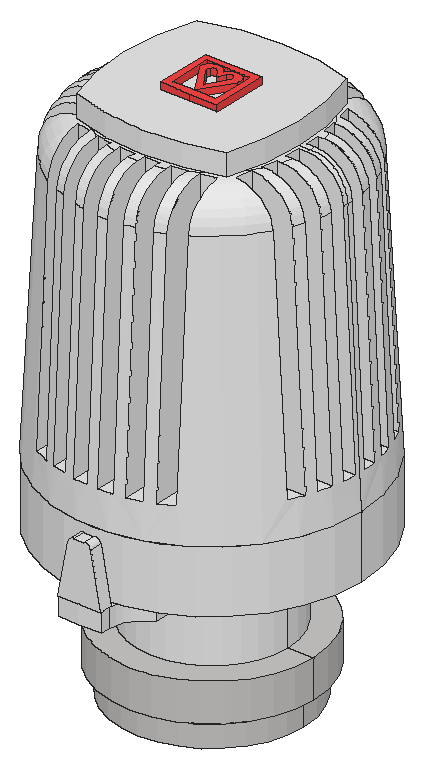
Revit family "Термостатическая головка HERZ, с присоединительной резьбой М 28х1.5, 7260", category Rohrzubehör, Revit 2021
Family settings
  Bemaßung runder Anschluss = Durchmesser verwenden
  Teiletyp = Normal
  OmniClass-Nummer = 23.65.55.14
  OmniClass-Titel = Valves for Liquid Services
  Arbeitsebenenbasiert = Nein
  Immer vertikal = Nein
  Beim Laden mit Abzugskörper schneiden = Nein
  Gemeinsam genutzt = Nein
Parameters
  Принцип действия = "HERZ-термостатическая головка является датчиком прямого регулирования.\r\nИзменение объема жидкости в HERZ-гидросенсоре приводит в движение шток клапана."
  Область применения = "Для монтажа на всех HERZ-клапанах, предназначенных для термостатической работы."
  Номер заказа = 1726006  # constant formula
  Маховик = "Пластик, белый"  # constant formula
  Исполнение = "Термостатическая головка с жидкостным датчиком (гидросенсором) с позициями теплового запираниия \"0\" и морозозащиты, с ограничением и блокировкой диапазона регулирования. Цвет маховика - белый."
  Диапазон регулирования = "6 - 28°C"  # constant formula
  Автоматическая защита от замерзания = "при прибл. 6 °C"  # constant formula
  W02 = 120.00°  # constant formula
  W01 = 135.00°  # constant formula
  Vorgabe-Ansicht = 0.000 mm
  URL = "www.herz-armaturen.ru"
  S02 = 60.000 mm  # constant formula
  S01 = H02 + H07  # 79.500 mm
  R08 = 15.000 mm  # constant formula
  R07 = 6.000 mm  # constant formula
  R06 = 24.000 mm  # constant formula
  R05 = 16.350 mm  # constant formula
  R04 = 14.750 mm  # constant formula
  R03 = 13.200 mm  # constant formula
  R02 = 12.200 mm  # constant formula
  R01 = 22.400 mm  # constant formula
  Hersteller = "HERZ Armaturen Ges.m.b.H."  # constant formula
  H09 = 3.500 mm  # constant formula
  H08 = 10.000 mm  # constant formula
  H07 = 59.000 mm  # constant formula
  H06 = 3.500 mm  # constant formula
  H05 = 10.500 mm  # constant formula
  H04 = 11.700 mm  # constant formula
  H03 = 4.500 mm  # constant formula
  H02 = 20.500 mm  # constant formula
  H01 = 45.800 mm  # constant formula
Reference planes
  plane 1 "Mitte (Vorne/hinten)": y = 0
  plane 2: z = 0
  plane 3 "Mitte (Links/rechts)": x = 0
Forms (mm)
  Revolve 1, solid, material "Messing verzinkt", detail levels fine
    sketch origin (0, 0, 0) x (1, 0, 0) y (0, 0, 1)
      loop
        line (0, 4.5) -> (13.2, 4.5) -> (13.2, -3.563) -> (14.75, -3.563) -> (14.75, -0.063) -> (16.35, 0.861) -> (16.35, 6.937) -> (0, 6.937) -> (0, 4.5)
      axis (0, 6.937) -> (0, -3.563)
    angle from 0 to 360
  Revolve 2, solid, material "Kunststoff weiß", detail levels fine
    sketch origin (0, 0, 0) x (1, 0, 0) y (0, 0, 1)
      loop
        line (0, 20.5) -> (24, 20.5) -> (24, 30.5) -> (21.791, 73.806)
        arc (21.791, 73.806) -> (19.931, 77.849) -> (15.798, 79.5) r 6
        line (15.798, 79.5) -> (0, 79.5) -> (0, 20.5)
      axis (0, 79.5) -> (0, 20.5)
    angle from 0 to 360
  Extrusion 3, void
    sketch origin (0, 0, 0) x (1, 0, 0) y (0, 1, 0)
      loop
        line (24.458, 0.8) -> (24.458, 3.2) -> (14.361, 3.2)
        arc (14.361, 3.2) -> (14.446, 2.001) -> (14.491, 0.8) r 37
        line (14.491, 0.8) -> (24.458, 0.8)
      loop
        line (24.458, 4.8) -> (24.458, 7.2) -> (13.793, 7.2)
        arc (13.793, 7.2) -> (14.01, 6.003) -> (14.187, 4.8) r 37
        line (14.187, 4.8) -> (24.458, 4.8)
      loop
        line (24.458, 8.8) -> (24.458, 11.2) -> (12.764, 11.2)
        arc (12.764, 11.2) -> (13.121, 10.006) -> (13.438, 8.8) r 37
        line (13.438, 8.8) -> (24.458, 8.8)
      loop
        line (24.458, -0.8) -> (14.491, -0.8)
        arc (14.491, -0.8) -> (14.446, -2.001) -> (14.361, -3.2) r 37
        line (14.361, -3.2) -> (24.458, -3.2) -> (24.458, -0.8)
      loop
        line (24.458, -4.8) -> (14.187, -4.8)
        arc (14.187, -4.8) -> (14.01, -6.003) -> (13.793, -7.2) r 37
        line (13.793, -7.2) -> (24.458, -7.2) -> (24.458, -4.8)
      loop
        line (24.458, -8.8) -> (13.438, -8.8)
        arc (13.438, -8.8) -> (13.121, -10.006) -> (12.764, -11.2) r 37
        line (12.764, -11.2) -> (24.458, -11.2) -> (24.458, -8.8)
      loop
        line (-24.458, 0.8) -> (-14.491, 0.8)
        arc (-14.491, 0.8) -> (-14.446, 2.001) -> (-14.361, 3.2) r 37
        line (-14.361, 3.2) -> (-24.458, 3.2) -> (-24.458, 0.8)
      loop
        line (-24.458, 4.8) -> (-14.187, 4.8)
        arc (-14.187, 4.8) -> (-14.01, 6.003) -> (-13.793, 7.2) r 37
        line (-13.793, 7.2) -> (-24.458, 7.2) -> (-24.458, 4.8)
      loop
        line (-24.458, 8.8) -> (-13.438, 8.8)
        arc (-13.438, 8.8) -> (-13.121, 10.006) -> (-12.764, 11.2) r 37
        line (-12.764, 11.2) -> (-24.458, 11.2) -> (-24.458, 8.8)
      loop
        line (-24.458, -0.8) -> (-24.458, -3.2) -> (-14.361, -3.2)
        arc (-14.361, -3.2) -> (-14.446, -2.001) -> (-14.491, -0.8) r 37
        line (-14.491, -0.8) -> (-24.458, -0.8)
      loop
        line (-24.458, -4.8) -> (-24.458, -7.2) -> (-13.793, -7.2)
        arc (-13.793, -7.2) -> (-14.01, -6.003) -> (-14.187, -4.8) r 37
        line (-14.187, -4.8) -> (-24.458, -4.8)
      loop
        line (-24.458, -8.8) -> (-24.458, -11.2) -> (-12.764, -11.2)
        arc (-12.764, -11.2) -> (-13.121, -10.006) -> (-13.438, -8.8) r 37
        line (-13.438, -8.8) -> (-24.458, -8.8)
      loop
        line (0.8, 24.458) -> (0.8, 14.491)
        arc (0.8, 14.491) -> (2.001, 14.446) -> (3.2, 14.361) r 37
        line (3.2, 14.361) -> (3.2, 24.458) -> (0.8, 24.458)
      loop
        line (4.8, 24.458) -> (4.8, 14.187)
        arc (4.8, 14.187) -> (6.003, 14.01) -> (7.2, 13.793) r 37
        line (7.2, 13.793) -> (7.2, 24.458) -> (4.8, 24.458)
      loop
        line (8.8, 24.458) -> (8.8, 13.438)
        arc (8.8, 13.438) -> (10.006, 13.121) -> (11.2, 12.764) r 37
        line (11.2, 12.764) -> (11.2, 24.458) -> (8.8, 24.458)
      loop
        line (-0.8, 24.458) -> (-3.2, 24.458) -> (-3.2, 14.361)
        arc (-3.2, 14.361) -> (-2.001, 14.446) -> (-0.8, 14.491) r 37
        line (-0.8, 14.491) -> (-0.8, 24.458)
      loop
        line (-4.8, 24.458) -> (-7.2, 24.458) -> (-7.2, 13.793)
        arc (-7.2, 13.793) -> (-6.003, 14.01) -> (-4.8, 14.187) r 37
        line (-4.8, 14.187) -> (-4.8, 24.458)
      loop
        line (-8.8, 24.458) -> (-11.2, 24.458) -> (-11.2, 12.764)
        arc (-11.2, 12.764) -> (-10.006, 13.121) -> (-8.8, 13.438) r 37
        line (-8.8, 13.438) -> (-8.8, 24.458)
      loop
        line (0.8, -24.458) -> (3.2, -24.458) -> (3.2, -14.361)
        arc (3.2, -14.361) -> (2.001, -14.446) -> (0.8, -14.491) r 37
        line (0.8, -14.491) -> (0.8, -24.458)
      loop
        line (4.8, -24.458) -> (7.2, -24.458) -> (7.2, -13.793)
        arc (7.2, -13.793) -> (6.003, -14.01) -> (4.8, -14.187) r 37
        line (4.8, -14.187) -> (4.8, -24.458)
      loop
        line (8.8, -24.458) -> (11.2, -24.458) -> (11.2, -12.764)
        arc (11.2, -12.764) -> (10.006, -13.121) -> (8.8, -13.438) r 37
        line (8.8, -13.438) -> (8.8, -24.458)
      loop
        line (-0.8, -24.458) -> (-0.8, -14.491)
        arc (-0.8, -14.491) -> (-2.001, -14.446) -> (-3.2, -14.361) r 37
        line (-3.2, -14.361) -> (-3.2, -24.458) -> (-0.8, -24.458)
      loop
        line (-4.8, -24.458) -> (-4.8, -14.187)
        arc (-4.8, -14.187) -> (-6.003, -14.01) -> (-7.2, -13.793) r 37
        line (-7.2, -13.793) -> (-7.2, -24.458) -> (-4.8, -24.458)
      loop
        line (-8.8, -24.458) -> (-8.8, -13.438)
        arc (-8.8, -13.438) -> (-10.006, -13.121) -> (-11.2, -12.764) r 37
        line (-11.2, -12.764) -> (-11.2, -24.458) -> (-8.8, -24.458)
    from 36 to 81.5
  Extrusion 4, solid, material "Kunststoff weiß", detail levels fine
    sketch origin (0, 0, 0) x (1, 0, 0) y (0, 1, 0)
      loop
        arc (12, 12) -> (0, 14) -> (-12, 12) r 37
        arc (-12, 12) -> (-14, 0) -> (-12, -12) r 37
        arc (-12, -12) -> (0, -14) -> (12, -12) r 37
        arc (12, -12) -> (14, 0) -> (12, 12) r 37
    from 79.5 to 83
  Extrusion 5, solid, material "Kunststoff weiß", detail levels fine
    sketch origin (0.017, -0.017, 0) x (0, -1, 0) y (1, 0, 0)
      loop
        line (14.714, 6.983) -> (14.714, -7.017) -> (19.645, -7.017)
        arc (19.645, -7.017) -> (21.761, -4.508) -> (24.882, -3.488) r 6
        line (24.882, -3.488) -> (26.272, -3.488)
        arc (26.272, -3.488) -> (26.5, 0) -> (26.267, 3.488) r 26.5
        line (26.267, 3.488) -> (24.882, 3.488)
        arc (24.882, 3.488) -> (21.777, 4.497) -> (19.66, 6.983) r 6
        line (19.66, 6.983) -> (14.714, 6.983)
    from 17.5 to 20.5
  Extrusion 6, solid, material "Kunststoff weiß", detail levels fine
    sketch origin (0.017, -0.017, 3.5) x (1, 0, 0) y (0, 0, 1)
      loop
        arc (-0.8, 26.1) -> (-1.432, 25.875) -> (-1.779, 25.302) r 1
        line (-1.779, 25.302) -> (-3.488, 17) -> (3.488, 17) -> (1.779, 25.302)
        arc (1.779, 25.302) -> (1.432, 25.875) -> (0.8, 26.1) r 1
        line (0.8, 26.1) -> (-0.8, 26.1)
    from 26.5 to 24.5
  Revolve 7, solid, material "Kunststoff weiß", detail levels fine
    sketch origin (90.543, 0, 0) x (1, 0, 0) y (0, 0, 1)
      loop
        line (-90.543, 0) -> (-77.343, 0) -> (-77.343, 4.5) -> (-78.343, 4.5) -> (-78.343, 20.5) -> (-68.143, 20.5) -> (-68.143, 34.1) -> (-75.543, 34.1) -> (-75.543, 45.8) -> (-90.543, 45.8) -> (-90.543, 0)
      axis (-90.543, 45.8) -> (-90.543, 0)
    angle from 0 to 360
Cuts and joins
  Extrusion 3 cuts Revolve 2
Lines and regions (mm)
  model lines, detail levels coarse+medium
    curve 1: line (0, 0, 0) -> (0, 0, 19.5)
    curve 2: line (0, -0.017, 0) -> (0, 19.5, 0)
    curve 3: circle (0, 0, 49.5) r 30 normal (0, -1, 0)
    curve 4: circle (0, 0, 49.5) r 30 normal (1, 0, 0)
    curve 5: line (0, 0, 29.5) -> (0, 0, 69.5)
    curve 6: line (0, -17.5, 69.5) -> (0, 17.5, 69.5)
    curve 7: line (0, 0, 29.5) -> (0, 0, 69.5)
    curve 8: line (-17.5, 0, 69.5) -> (17.5, 0, 69.5)
    curve 9: circle (0, 49.5, 0) r 30 normal (0, 0, 1)
    curve 10: line (0, 29.5, 0) -> (0, 69.5, 0)
    curve 11: line (-17.5, 69.5, 0) -> (17.5, 69.5, 0)
Dimensions and locks
  "H05": Revolve 1 sketch curve to Revolve 1 sketch curve
  "H06": Revolve 1 sketch curve to Revolve 1 sketch curve
  "H03": Revolve 1 sketch curve to plane 2
  "R04": Revolve 1 sketch curve to plane 3 "Mitte (Links/rechts)"
  "R03": plane 3 "Mitte (Links/rechts)" to Revolve 1 sketch curve
  "R05": Revolve 1 sketch curve to plane 3 "Mitte (Links/rechts)"
  "H08": Revolve 2 sketch curve to Revolve 2 sketch curve
  "R06": Revolve 2 sketch curve to Revolve 2 sketch curve
  "H02": Revolve 2 sketch curve to plane 2
  "H02": Revolve 7 sketch curve to plane 2
  "H03": Revolve 7 sketch curve to Revolve 7 sketch curve
  "H01": Revolve 7 sketch curve to plane 2
  "H04": Revolve 7 sketch curve to Revolve 7 sketch curve
  "R03": Revolve 7 sketch curve to plane 3 "Mitte (Links/rechts)"
  "R02": plane 3 "Mitte (Links/rechts)" to Revolve 7 sketch curve
  "R01": plane 3 "Mitte (Links/rechts)" to Revolve 7 sketch curve
  "R08": plane 3 "Mitte (Links/rechts)" to Revolve 7 sketch curve
  "H07": Revolve 2 sketch curve to Revolve 2 sketch curve
  "S01": curve 4 to plane 2
  "S01": curve 3 to plane 2
  "S01": plane 1 "Mitte (Vorne/hinten)" to curve 9
  "R07": radius of Revolve 2 sketch curve
  "S02": diameter of curve 3
  "S02": diameter of curve 4
  "S02": diameter of curve 9
  "W02": angle Revolve 1 sketch curve to Revolve 1 sketch curve
  aligned and locked: level to plane 2
Automatic sketch dimensions
  plane 1 "Mitte (Vorne/hinten)" to Extrusion 4 sketch curve = 0.000 mm  (x2)
  Extrusion 4 sketch curve to plane 3 "Mitte (Links/rechts)" = 0.000 mm  (x2)
  Extrusion 4 sketch curve to plane 3 "Mitte (Links/rechts)" = 23.000 mm
  plane 3 "Mitte (Links/rechts)" to Extrusion 4 sketch curve = 23.000 mm
  plane 1 "Mitte (Vorne/hinten)" to Extrusion 4 sketch curve = 23.000 mm
  Extrusion 4 sketch curve to plane 1 "Mitte (Vorne/hinten)" = 23.000 mm
  Extrusion 4 sketch curve to plane 3 "Mitte (Links/rechts)" = 12.000 mm  (x2)
  plane 3 "Mitte (Links/rechts)" to Extrusion 4 sketch curve = 12.000 mm
  plane 1 "Mitte (Vorne/hinten)" to Extrusion 4 sketch curve = 12.000 mm
  Extrusion 3 sketch curve to Extrusion 3 sketch curve = 0.000 mm  (x58)
  plane 1 "Mitte (Vorne/hinten)" to Extrusion 3 sketch curve = 0.000 mm  (x2)
  Extrusion 3 sketch curve to plane 3 "Mitte (Links/rechts)" = 0.000 mm  (x2)
  Extrusion 3 sketch curve to plane 3 "Mitte (Links/rechts)" = 0.800 mm  (x2)
  Extrusion 3 sketch curve to Extrusion 3 sketch curve = 2.400 mm  (x12)
  Extrusion 3 sketch curve to Extrusion 3 sketch curve = 1.600 mm  (x16)
  Extrusion 3 sketch curve to Extrusion 3 sketch curve = 1.564 mm  (x8)
  Extrusion 3 sketch curve to Extrusion 3 sketch curve = 0.674 mm  (x5)
  Extrusion 3 sketch curve to Extrusion 3 sketch curve = 0.354 mm  (x8)
  Extrusion 3 sketch curve to Extrusion 3 sketch curve = 0.395 mm  (x4)
  Extrusion 3 sketch curve to Extrusion 3 sketch curve = 0.174 mm  (x8)
  plane 1 "Mitte (Vorne/hinten)" to Extrusion 3 sketch curve = 0.800 mm  (x2)
  Extrusion 3 sketch curve to Extrusion 3 sketch curve = 0.130 mm  (x2)
  Extrusion 3 sketch curve to plane 1 "Mitte (Vorne/hinten)" = 0.800 mm  (x2)
  Extrusion 3 sketch curve to Extrusion 3 sketch curve = 8.009 mm  (x3)
  Extrusion 3 sketch curve to Extrusion 3 sketch curve = 1.958 mm  (x7)
  plane 3 "Mitte (Links/rechts)" to Extrusion 3 sketch curve = 0.800 mm  (x2)
  Extrusion 3 sketch curve to Extrusion 3 sketch curve = 11.019 mm
  Extrusion 5 sketch curve to plane 3 "Mitte (Links/rechts)" = 0.000 mm
  plane 1 "Mitte (Vorne/hinten)" to Extrusion 5 sketch curve = 0.017 mm
  Extrusion 5 sketch curve to plane 3 "Mitte (Links/rechts)" = 7.000 mm
  plane 1 "Mitte (Vorne/hinten)" to Extrusion 5 sketch curve = 14.731 mm
  Extrusion 5 sketch curve to Extrusion 5 sketch curve = 4.930 mm
  Extrusion 5 sketch curve to Extrusion 5 sketch curve = 4.946 mm
  Extrusion 5 sketch curve to plane 3 "Mitte (Links/rechts)" = 3.471 mm
  Extrusion 5 sketch curve to Extrusion 5 sketch curve = 5.237 mm
  Extrusion 5 sketch curve to Extrusion 5 sketch curve = 5.222 mm
  Extrusion 5 sketch curve to Extrusion 5 sketch curve = 5.470 mm
  Extrusion 5 sketch curve to Extrusion 5 sketch curve = 0.233 mm
  Extrusion 5 sketch curve to Extrusion 5 sketch curve = 1.390 mm
  plane 3 "Mitte (Links/rechts)" to Extrusion 5 sketch curve = 3.505 mm
  Extrusion 5 sketch curve to Extrusion 5 sketch curve = 3.495 mm
  Extrusion 5 sketch curve to Extrusion 5 sketch curve = 0.000 mm
  Extrusion 6 sketch curve to plane 3 "Mitte (Links/rechts)" = 3.471 mm
  Extrusion 6 sketch curve to plane 3 "Mitte (Links/rechts)" = 1.763 mm
  Extrusion 6 sketch curve to plane 3 "Mitte (Links/rechts)" = 0.783 mm
  plane 3 "Mitte (Links/rechts)" to Extrusion 6 sketch curve = 0.817 mm
  Extrusion 6 sketch curve to Extrusion 6 sketch curve = 0.979 mm
  plane 3 "Mitte (Links/rechts)" to Extrusion 6 sketch curve = 3.505 mm
  level to Extrusion 6 sketch curve = 20.500 mm
  Extrusion 6 sketch curve to Extrusion 6 sketch curve = 8.100 mm
  Extrusion 6 sketch curve to Extrusion 6 sketch curve = 0.000 mm
  Extrusion 6 sketch curve to Extrusion 6 sketch curve = 0.202 mm
  curve 5 to plane 1 "Mitte (Vorne/hinten)" = 0.000 mm
  curve 4 to plane 1 "Mitte (Vorne/hinten)" = 0.000 mm
  plane 1 "Mitte (Vorne/hinten)" to curve 6 = 17.500 mm
  curve 5 to curve 6 = 17.500 mm
  curve 5 to curve 4 = 20.000 mm
  curve 4 to curve 6 = 20.000 mm
  curve 3 to plane 3 "Mitte (Links/rechts)" = 0.000 mm
  curve 7 to plane 3 "Mitte (Links/rechts)" = 0.000 mm
  curve 1 to plane 3 "Mitte (Links/rechts)" = 0.000 mm
  curve 1 to level = 0.000 mm
  curve 8 to curve 7 = 17.500 mm
  plane 3 "Mitte (Links/rechts)" to curve 8 = 17.500 mm
  curve 1 to curve 7 = 10.000 mm
  curve 3 to curve 8 = 20.000 mm
  curve 9 to plane 3 "Mitte (Links/rechts)" = 0.000 mm
  curve 10 to plane 3 "Mitte (Links/rechts)" = 0.000 mm
  curve 2 to plane 3 "Mitte (Links/rechts)" = 0.000 mm
  curve 11 to curve 10 = 17.500 mm
  plane 3 "Mitte (Links/rechts)" to curve 11 = 17.500 mm
  plane 1 "Mitte (Vorne/hinten)" to curve 2 = 0.017 mm
  curve 2 to curve 10 = 10.000 mm
  curve 9 to curve 11 = 20.000 mm
  Revolve 1 sketch curve to plane 3 "Mitte (Links/rechts)" = 0.000 mm  (x2)
  level to Revolve 1 sketch curve = 0.861 mm
  Revolve 1 sketch curve to Revolve 1 sketch curve = 362.982 mm
  Revolve 1 sketch curve to Revolve 1 sketch curve = 2206.878 mm
  Revolve 2 sketch curve to plane 3 "Mitte (Links/rechts)" = 0.000 mm  (x2)
  plane 3 "Mitte (Links/rechts)" to Revolve 2 sketch curve = 15.798 mm
  Revolve 2 sketch curve to Revolve 2 sketch curve = 5.992 mm
  Revolve 2 sketch curve to level = 366.045 mm
  Revolve 2 sketch curve to Revolve 2 sketch curve = 2138.315 mm
  Revolve 7 sketch curve to level = 0.000 mm  (x2)
  Revolve 7 sketch curve to plane 3 "Mitte (Links/rechts)" = 0.000 mm  (x2)
  Revolve 7 sketch curve to Revolve 7 sketch curve = 0.000 mm
Nested families
  nested 1: "Herz-Logo" at (0, 0, 82.5), type "Herz-Logo", detail levels fine
Definition of nested family "Herz-Logo"
  Parameters (values of type "Herz-Logo")
    Default Elevation = 0.000 mm
  Reference planes
    plane 1 "Mitte (Vorne/hinten)": y = 0
    plane 2: z = 0
    plane 3 "Mitte (Links/rechts)": x = 0
  Forms (mm)
    Extrusion 1, solid
      sketch origin (0, 0, 0) x (1, 0, 0) y (0, 1, 0)
        loop
          line (-0.018, -4.517) -> (4.482, -4.517) -> (4.482, 4.483) -> (-4.518, 4.483) -> (-4.518, -4.517) -> (-0.018, -4.517)
        loop
          line (-0.05, -3.48) -> (3.482, -3.48) -> (3.482, 3.483) -> (-3.518, 3.483) -> (-3.518, -3.48) -> (-0.05, -3.48)
        loop
          arc (-0.018, 2.383) -> (-1.543, 3.287) -> (-3.067, 2.383) r 1.738
          arc (-3.067, 2.383) -> (-3.191, 1.899) -> (-3.067, 1.415) r 1.009
          line (-3.067, 1.415) -> (-0.018, -3.281) -> (3.032, 1.415)
          arc (3.032, 1.415) -> (3.156, 1.899) -> (3.032, 2.383) r 1.009
          arc (3.032, 2.383) -> (1.507, 3.287) -> (-0.018, 2.383) r 1.738
        loop
          arc (1.885, 1.272) -> (2.005, 1.675) -> (1.885, 2.079) r 0.74
          arc (1.885, 2.079) -> (1.265, 2.416) -> (0.644, 2.079) r 0.74
          line (0.644, 2.079) -> (-0.018, 0.97) -> (-0.679, 2.079)
          arc (-0.679, 2.079) -> (-1.3, 2.416) -> (-1.921, 2.079) r 0.74
          arc (-1.921, 2.079) -> (-2.04, 1.675) -> (-1.921, 1.272) r 0.74
          line (-1.921, 1.272) -> (-0.018, -1.658) -> (1.885, 1.272)
      from 0 to 1.5
  Dimensions and locks
    aligned and locked: level to plane 2
